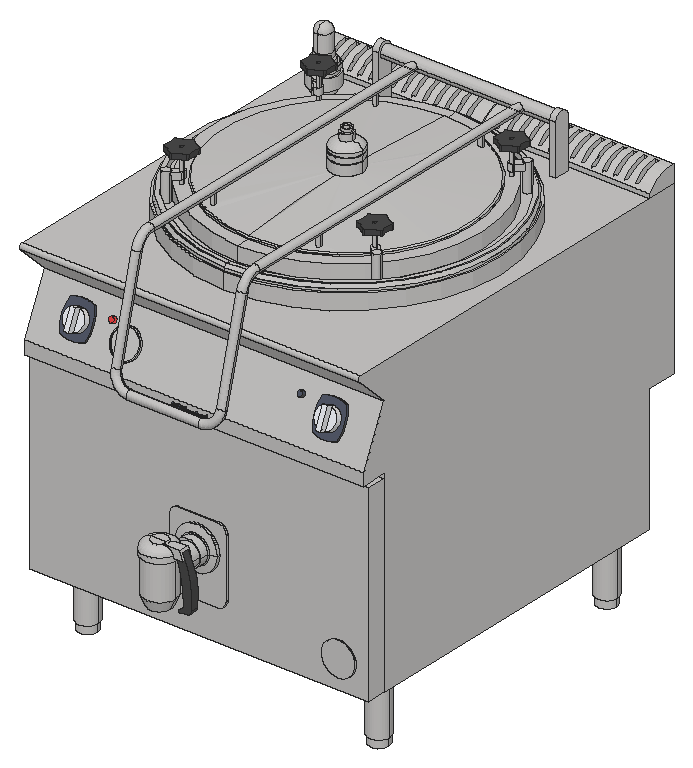
Revit family "QF_ELECTROLUXPROFESSIONAL_391295_E9BSGHIR4C", category Specialty Equipment, Revit 2018
Family settings
  Round Connector Dimension = Use Diameter
  Part Type = Normal
  Work Plane-Based = No
  Always vertical = Yes
  Cut with Voids When Loaded = No
  Shared = No
  Room Calculation Point = No
Parameters (values of type "Standard")
  Weight = 145.00 kg
  Watts = 0 W
  Volts = 220 V
  URL Manufacturer = "http://professional.electrolux.com"
  URL = "http://professional.electrolux.com"
  Steam Supply Size = 0"
  Steam Supply Minimum Pressure = 0.00 psi
  Steam Supply Maximum Pressure = 0.00 psi
  Steam Pounds per Hour = 0
  Show Logo [instance] = yes
  Show Clearance [instance] = yes
  Refrigeration Suction Line Size = 0 mm
  Refrigeration Liquid Line Size = 0 mm
  Refrigerant Compressor Remote = yes
  Phase = 1
  Model = "E9BSGHIR4C"
  Manufacturer = "Electrolux Professional"
  Length Actual = 800 mm  # constant formula
  Item Number = "391295"
  Hot Water Size = 3/4"
  Height Actual = 850 mm  # constant formula
  HP = "0.1 HP"
  Gas Size = 1/2"
  Gas KW = 24
  Gas Input Pressure = 0.805176 Btu/h
  Direct Waste Size = 2"
  Description = "150 LT GAS BOIL.PAN-IND.HEAT-AUTOC-60HZ"
  Depth Actual = 930 mm  # constant formula
  Cycle = 60 Hz
  Condensate Return Size = 0"
  Compressed Air Volume = 0 GPM
  Compressed Air Size = 0"
  Compressed Air Pressure = 0.00 psi
  Cold Water Size = 3/4"
  Assembly Code = ""
  Accessory = yes
Reference planes
  plane 1 "BACK": y = 0
  plane 2: z = 0
  plane 3 "LEFT": x = 0
  plane 4 "RIGHT": x = 800
  plane 5 "FRONT": y = -930
  plane 6 "TOP": z = 850
  plane 7 "Center Y": x = 400
  plane 8 "Center X": y = -465
  plane 9 "Base": z = 150
  plane 10: y = -1017
  plane 11: z = 1786
  plane 12: y = -800
  plane 13: x = 56
  plane 14: x = 744
  plane 15: x = 746
  plane 16: x = 729
  plane 17: x = 47
  plane 18: x = 151.01
  plane 19: x = 648.99
  plane 20: y = -127
Forms (mm)
  Revolve 1, solid, material "QF_Finishes_Stainless Steel"
    sketch origin (1, -127, 0) x (1, 0, 0) y (0, 0, 1)
      loop
        line (55, 0) -> (55, 150) -> (29.6, 150) -> (29.6, 19.05) -> (32.1, 19.05) -> (32.1, 0) -> (55, 0)
      axis (55, 0) -> (55, 150)
    angle from 0 to 360
  Revolve 2, solid, material "QF_Finishes_Stainless Steel"
    sketch origin (799, -127, 0) x (-1, 0, 0) y (0, 0, -1)
      loop
        line (55, 0) -> (32.1, 0) -> (32.1, -19.05) -> (29.6, -19.05) -> (29.6, -150) -> (55, -150) -> (55, 0)
      axis (55, 0) -> (55, -150)
    angle from 0 to 360
  Revolve 3, solid, material "QF_Finishes_Stainless Steel"
    sketch origin (1, -800, 0) x (1, 0, 0) y (0, 0, 1)
      loop
        line (55, 0) -> (55, 150) -> (29.6, 150) -> (29.6, 19.05) -> (32.1, 19.05) -> (32.1, 0) -> (55, 0)
      axis (55, 0) -> (55, 150)
    angle from 0 to 360
  Revolve 4, solid, material "QF_Finishes_Stainless Steel"
    sketch origin (799, -800, 0) x (-1, 0, 0) y (0, 0, -1)
      loop
        line (55, 0) -> (32.1, 0) -> (32.1, -19.05) -> (29.6, -19.05) -> (29.6, -150) -> (55, -150) -> (55, 0)
      axis (55, 0) -> (55, -150)
    angle from 0 to 360
  Extrusion 5, solid, material "QF_Finishes_Stainless Steel"
    sketch origin (0, 0, 576.213) x (0, 1, 0) y (0, 0, 1)
      loop
        line (0, -127.212) -> (0, 273.787) -> (-922.342, 273.787)
        arc (-922.342, 273.787) -> (-929.417, 269.06) -> (-927.757, 260.714) r 7.658
        line (-927.757, 260.714) -> (-856.613, 190.57) -> (-915.31, 65.214) -> (-915.31, 33.916) -> (-855.186, 38.612)
        arc (-855.186, 38.612) -> (-852.661, 37.864) -> (-851.569, 35.468) r 3.175
        line (-851.569, 35.468) -> (-851.569, -426.212) -> (-72, -426.212) -> (-72, -127.212) -> (0, -127.212)
      loop
        line (-901, 25.858) -> (-901, -426.212) -> (-854.744, -426.212) -> (-854.744, 25.858) -> (-901, 25.858)
    from 0 to 800
  Extrusion 6, solid, material "QF_Finishes_Stainless Steel"
    sketch origin (0, -901, 557.071) x (0, 0, 1) y (-1, 0, 0)
      loop
        arc (-150.774, -353.125) -> (-156.632, -338.983) -> (-170.774, -333.125) r 20
        line (-170.774, -333.125) -> (-310.774, -333.125)
        arc (-310.774, -333.125) -> (-324.916, -338.983) -> (-330.774, -353.125) r 20
        line (-330.774, -353.125) -> (-330.774, -446.875)
        arc (-330.774, -446.875) -> (-324.916, -461.017) -> (-310.774, -466.875) r 20
        line (-310.774, -466.875) -> (-170.774, -466.875)
        arc (-170.774, -466.875) -> (-156.632, -461.017) -> (-150.774, -446.875) r 20
        line (-150.774, -446.875) -> (-150.774, -353.125)
    from 0 to 3.2
  Revolve 7, solid, material "QF_Finishes_Stainless Steel"
    sketch origin (50, -127.411, 338.218) x (1, 0, 0) y (0, 1, 0)
      loop
        line (350, -776.789) -> (350, -866.845) -> (377.31, -866.845) -> (377.31, -807.326) -> (381.52, -807.326) -> (381.52, -788.802) -> (383.56, -788.802) -> (383.56, -785.903) -> (400.479, -782.307) -> (400.479, -776.789) -> (350, -776.789)
      axis (350, -866.845) -> (350, -776.789)
    angle from 0 to 360
  Extrusion 8, solid, material "QF_Finishes_Stainless Steel"
    sketch origin (0, -901, 557.071) x (0, 0, 1) y (-1, 0, 0)
      loop
        circle (-340.2, -729.973) r 40
      loop
        circle (-280.2, -284.973) r 20
    from 0 to 1.6
  Extrusion 9, solid, material "QF_Finishes_Navy Blue"
    sketch origin (-437.256, -913.119, 646.186) x (0, 0.418102, 0.9084) y (-1, 0, 0)
      loop
        arc (102.623, -510.47) -> (67.041, -502.846) -> (31.333, -509.853) r 90.5
        arc (31.333, -509.853) -> (24.507, -539.04) -> (31.333, -568.228) r 65.817
        arc (31.333, -568.228) -> (67.04, -575.188) -> (102.623, -567.615) r 91.066
        arc (102.623, -567.615) -> (109.179, -539.043) -> (102.623, -510.47) r 65.546
      loop
        arc (102.623, -1164.043) -> (109.179, -1135.47) -> (102.623, -1106.897) r 65.546
        arc (102.623, -1106.897) -> (67.04, -1099.324) -> (31.333, -1106.284) r 91.066
        arc (31.333, -1106.284) -> (24.507, -1135.472) -> (31.333, -1164.66) r 65.817
        arc (31.333, -1164.66) -> (67.041, -1171.667) -> (102.623, -1164.043) r 90.5
    from 0 to 3.175
  Extrusion 10, solid, material "QF_Finishes_White"
    sketch origin (-58.506, -916.833, 645.711) x (0, 0.418102, 0.9084) y (-1, 0, 0)
      loop
        circle (68.826, -160.963) r 25.4
      loop
        circle (68.826, -756.049) r 25.4
    from 0 to 12.7
  Extrusion 11, solid, material "QF_Finishes_White"
    sketch origin (-58.506, -928.369, 651.021) x (0, 0.418102, 0.9084) y (-1, 0, 0)
      loop
        arc (93.558, -166.749) -> (94.226, -160.963) -> (93.558, -155.177) r 25.4
        line (93.558, -155.177) -> (44.094, -155.177)
        arc (44.094, -155.177) -> (43.426, -160.963) -> (44.094, -166.749) r 25.4
        line (44.094, -166.749) -> (93.558, -166.749)
      loop
        line (93.558, -750.263) -> (44.094, -750.263)
        arc (44.094, -750.263) -> (43.426, -756.049) -> (44.094, -761.836) r 25.4
        line (44.094, -761.836) -> (93.558, -761.836)
        arc (93.558, -761.836) -> (94.226, -756.049) -> (93.558, -750.263) r 25.4
    from 0 to 12.7
  Extrusion 12, solid, material "QF_Finishes_Red"
    sketch origin (-137.986, -902.667, 668.896) x (0, 0.418102, 0.9084) y (-1, 0, 0)
      loop
        circle (65.471, -315.169) r 6.35
    from 0 to 6
  Extrusion 13, solid, material "QF_Finishes_Navy Blue"
    sketch origin (937.986, -902.667, 668.896) x (0, 0.418102, 0.9084) y (-1, 0, 0)
      loop
        circle (65.471, 315.169) r 6.35
    from 0 to 6
  Extrusion 14, solid, material "QF_Finishes_Navy Blue", visible <- "Show Logo"
    sketch origin (61.109, -915.31, 610.773) x (0, 0, 1) y (-1, 0, 0)
      loop
        line (20.674, -296.698) -> (8.307, -296.698)
        arc (8.307, -296.698) -> (14.491, -301.27) -> (20.674, -296.698) r 6.467
      loop
        arc (20.674, -296.069) -> (19.505, -290.926) -> (14.849, -288.448) r 6.338
        line (14.849, -288.448) -> (14.849, -290.494)
        arc (14.849, -290.494) -> (16.333, -294.149) -> (19.778, -296.069) r 5.941
        line (19.778, -296.069) -> (20.674, -296.069)
      loop
        arc (9.203, -296.069) -> (12.648, -294.149) -> (14.132, -290.494) r 5.941
        line (14.132, -290.494) -> (14.132, -288.448)
        arc (14.132, -288.448) -> (9.438, -290.922) -> (8.148, -296.069) r 6.504
        line (8.148, -296.069) -> (9.203, -296.069)
      loop
        line (21.349, -287.979) -> (7.604, -287.979) -> (7.604, -301.742) -> (21.349, -301.742) -> (21.349, -287.979)
      loop
        arc (21.432, -304.71) -> (21.085, -304.352) -> (20.718, -304.69) r 0.358
        arc (20.718, -304.69) -> (20.404, -305.44) -> (19.687, -305.825) r 1.216
        line (19.687, -305.825) -> (9.274, -305.825)
        arc (9.274, -305.825) -> (8.614, -305.548) -> (8.218, -304.951) r 1.238
        arc (8.218, -304.951) -> (7.823, -304.7) -> (7.518, -305.054) r 0.358
        line (7.518, -305.054) -> (7.518, -314.933) -> (10.269, -314.933) -> (10.269, -314.036)
        arc (10.269, -314.036) -> (9.36, -313.456) -> (8.904, -312.479) r 1.928
        line (8.904, -312.479) -> (8.904, -309.98)
        arc (8.904, -309.98) -> (9.18, -309.251) -> (9.868, -308.887) r 1.101
        line (9.868, -308.887) -> (13.955, -308.887) -> (13.955, -312.561)
        arc (13.955, -312.561) -> (13.602, -313.058) -> (13.037, -313.286) r 1.083
        arc (13.037, -313.286) -> (12.773, -313.591) -> (13.065, -313.869) r 0.292
        line (13.065, -313.869) -> (16.028, -313.869)
        arc (16.028, -313.869) -> (16.33, -313.596) -> (16.092, -313.266) r 0.305
        arc (16.092, -313.266) -> (15.601, -313.018) -> (15.296, -312.561) r 1.083
        line (15.296, -312.561) -> (15.296, -308.887) -> (19.973, -308.887) -> (19.973, -312.635)
        arc (19.973, -312.635) -> (19.759, -313.39) -> (19.153, -313.888) r 1.314
        arc (19.153, -313.888) -> (18.934, -314.292) -> (19.288, -314.585) r 0.361
        line (19.288, -314.585) -> (21.432, -314.585) -> (21.432, -304.71)
      loop
        arc (20.715, -315.365) -> (20.335, -316.284) -> (19.416, -316.664) r 1.299
        line (19.416, -316.664) -> (9.837, -316.664)
        arc (9.837, -316.664) -> (8.999, -316.286) -> (8.728, -315.408) r 1.118
        line (8.728, -315.408) -> (7.518, -315.408) -> (7.518, -320.758) -> (8.706, -320.758)
        arc (8.706, -320.758) -> (8.978, -319.841) -> (9.848, -319.445) r 1.153
        line (9.848, -319.445) -> (21.92, -319.445) -> (20.715, -315.365)
      loop
        line (12.483, -323.394) -> (12.483, -329.842) -> (13.282, -329.842)
        arc (13.282, -329.842) -> (15.862, -328.857) -> (17.131, -326.404) r 3.874
        line (17.131, -326.404) -> (17.131, -324.643)
        arc (17.131, -324.643) -> (15.944, -321.778) -> (13.08, -320.592) r 4.051
        line (13.08, -320.592) -> (11.072, -320.592)
        arc (11.072, -320.592) -> (8.253, -322.077) -> (7.202, -325.084) r 4.352
        arc (7.202, -325.084) -> (7.566, -327.547) -> (8.943, -329.621) r 5.713
        line (8.943, -329.621) -> (9.892, -329.621)
        arc (9.892, -329.621) -> (9.16, -328.052) -> (8.943, -326.334) r 5.579
        arc (8.943, -326.334) -> (9.737, -324.371) -> (11.616, -323.394) r 3.057
        line (11.616, -323.394) -> (12.483, -323.394)
      loop
        line (13.742, -323.394) -> (13.742, -326.977)
        arc (13.742, -326.977) -> (15.199, -327.024) -> (16.082, -325.864) r 1.59
        line (16.082, -325.864) -> (16.082, -325.034)
        arc (16.082, -325.034) -> (15.217, -323.779) -> (13.742, -323.394) r 2.184
      loop
        arc (16.533, -339.259) -> (17.022, -337.585) -> (17.179, -335.848) r 9.023
        line (17.179, -335.848) -> (17.179, -334.486)
        arc (17.179, -334.486) -> (16.02, -331.686) -> (13.22, -330.527) r 3.959
        line (13.22, -330.527) -> (10.62, -330.527)
        arc (10.62, -330.527) -> (8.338, -331.819) -> (7.221, -334.192) r 4.331
        line (7.221, -334.192) -> (7.221, -336.327)
        arc (7.221, -336.327) -> (7.729, -337.877) -> (8.651, -339.223) r 5.772
        arc (8.651, -339.223) -> (9.412, -339.274) -> (9.499, -338.515) r 0.553
        arc (9.499, -338.515) -> (9.111, -337.781) -> (8.977, -336.962) r 2.573
        line (8.977, -336.962) -> (8.977, -335.447)
        arc (8.977, -335.447) -> (9.983, -333.806) -> (11.798, -333.163) r 2.884
        line (11.798, -333.163) -> (13.077, -333.163)
        arc (13.077, -333.163) -> (14.898, -333.723) -> (15.824, -335.388) r 2.554
        line (15.824, -335.388) -> (15.824, -336.441)
        arc (15.824, -336.441) -> (15.493, -337.369) -> (14.836, -338.104) r 2.564
        arc (14.836, -338.104) -> (14.614, -338.821) -> (15.223, -339.259) r 0.643
        line (15.223, -339.259) -> (16.533, -339.259)
      loop
        line (15.515, -339.53) -> (15.515, -341.031) -> (9.467, -341.031)
        arc (9.467, -341.031) -> (7.879, -341.688) -> (7.221, -343.276) r 2.246
        line (7.221, -343.276) -> (7.221, -344.86)
        arc (7.221, -344.86) -> (7.535, -345.725) -> (8.035, -346.496) r 4.06
        arc (8.035, -346.496) -> (8.768, -346.629) -> (9.019, -345.928) r 0.576
        arc (9.019, -345.928) -> (8.913, -345.403) -> (8.977, -344.87) r 1.69
        arc (8.977, -344.87) -> (9.519, -344.082) -> (10.425, -343.779) r 1.506
        line (10.425, -343.779) -> (15.563, -343.779) -> (15.563, -346.176) -> (16.119, -346.733) -> (16.941, -346.733) -> (16.941, -343.873) -> (20.172, -343.873) -> (15.515, -339.53)
      loop
        line (7.438, -347.63) -> (7.438, -353.017) -> (8.548, -353.017)
        arc (8.548, -353.017) -> (8.942, -352.066) -> (9.893, -351.672) r 1.345
        line (9.893, -351.672) -> (13.509, -351.672)
        arc (13.509, -351.672) -> (14.274, -352.264) -> (14.564, -353.186) r 1.615
        line (14.564, -353.186) -> (14.564, -354.742) -> (17.119, -355.427) -> (17.119, -354.044) -> (15.177, -351.485) -> (17.057, -351.485) -> (16.773, -348.779)
        arc (16.773, -348.779) -> (16.333, -348.249) -> (15.674, -348.45) r 0.621
        arc (15.674, -348.45) -> (15.274, -348.792) -> (14.78, -348.975) r 1.501
        line (14.78, -348.975) -> (9.893, -348.975)
        arc (9.893, -348.975) -> (8.942, -348.581) -> (8.548, -347.63) r 1.345
        line (8.548, -347.63) -> (7.438, -347.63)
      loop
        line (13.54, -354.964) -> (10.848, -354.964)
        arc (10.848, -354.964) -> (8.403, -356.272) -> (7.269, -358.803) r 4.288
        arc (7.269, -358.803) -> (7.205, -360.183) -> (7.269, -361.563) r 15.022
        arc (7.269, -361.563) -> (8.403, -364.094) -> (10.848, -365.401) r 4.288
        line (10.848, -365.401) -> (13.54, -365.401)
        arc (13.54, -365.401) -> (15.986, -364.094) -> (17.119, -361.563) r 4.288
        arc (17.119, -361.563) -> (17.183, -360.183) -> (17.119, -358.803) r 15.022
        arc (17.119, -358.803) -> (15.986, -356.272) -> (13.54, -354.964) r 4.288
      loop
        line (13.745, -358.078) -> (10.643, -358.078)
        arc (10.643, -358.078) -> (8.486, -360.235) -> (10.643, -362.392) r 2.157
        line (10.643, -362.392) -> (13.745, -362.392)
        arc (13.745, -362.392) -> (15.902, -360.235) -> (13.745, -358.078) r 2.157
      loop
        arc (20.726, -365.26) -> (20.355, -366.154) -> (19.461, -366.524) r 1.264
        line (19.461, -366.524) -> (9.597, -366.524)
        arc (9.597, -366.524) -> (8.727, -366.127) -> (8.455, -365.211) r 1.153
        line (8.455, -365.211) -> (7.518, -365.211) -> (7.518, -370.319) -> (8.446, -370.319)
        arc (8.446, -370.319) -> (8.805, -369.547) -> (9.597, -369.232) r 1.153
        line (9.597, -369.232) -> (21.92, -369.232) -> (20.726, -365.26)
      loop
        arc (15.846, -369.857) -> (15.647, -370.921) -> (14.678, -371.403) r 1.215
        line (14.678, -371.403) -> (9.658, -371.403)
        arc (9.658, -371.403) -> (8.043, -372.051) -> (7.322, -373.634) r 2.338
        line (7.322, -373.634) -> (7.322, -375.148)
        arc (7.322, -375.148) -> (7.497, -376.152) -> (7.999, -377.038) r 2.979
        line (7.999, -377.038) -> (7.518, -378.835) -> (7.518, -380.524) -> (16.943, -380.524) -> (16.649, -376.32) -> (15.863, -376.32)
        arc (15.863, -376.32) -> (15.507, -377.156) -> (14.755, -377.665) r 1.605
        line (14.755, -377.665) -> (9.652, -377.665)
        arc (9.652, -377.665) -> (9.232, -376.728) -> (9.159, -375.704) r 2.94
        arc (9.159, -375.704) -> (9.72, -374.603) -> (10.873, -374.16) r 1.724
        line (10.873, -374.16) -> (17.07, -374.16) -> (15.846, -369.857)
      loop
        line (16.874, -381.377) -> (15.202, -383.423) -> (12.028, -385.729) -> (8.572, -382.617)
        arc (8.572, -382.617) -> (8.335, -382.223) -> (8.357, -381.764) r 0.789
        line (8.357, -381.764) -> (7.518, -381.764) -> (7.518, -385.309) -> (8.344, -385.309)
        arc (8.344, -385.309) -> (8.686, -384.947) -> (9.176, -385.039) r 0.52
        line (9.176, -385.039) -> (10.976, -386.51) -> (8.858, -387.886)
        arc (8.858, -387.886) -> (8.457, -387.576) -> (8.37, -387.076) r 0.7
        line (8.37, -387.076) -> (7.518, -387.076) -> (7.518, -393.003) -> (8.405, -393.003)
        arc (8.405, -393.003) -> (8.472, -392.344) -> (8.866, -391.813) r 1.247
        line (8.866, -391.813) -> (13.066, -388.532) -> (15.513, -390.585) -> (16.874, -392.327) -> (16.874, -388.604) -> (15.389, -389.026) -> (13.868, -387.749) -> (15.568, -386.559) -> (16.874, -387.336) -> (16.874, -381.377)
    from 0 to 1.644
  Revolve 15, solid, material "QF_Finishes_Stainless Steel"
    sketch origin (400, -109.012, 0.687) x (0, 1, 0) y (0, 0, 1)
      loop
        line (-355.988, 849.312) -> (-355.988, 946.284)
        arc (-355.988, 946.284) -> (-500.572, 942.27) -> (-644.711, 930.241) r 2606.177
        line (-644.711, 930.241) -> (-647.488, 927.465) -> (-647.488, 924.094) -> (-676.819, 924.094) -> (-676.819, 888.437) -> (-701.151, 888.437) -> (-701.151, 902.549) -> (-710.075, 902.549) -> (-710.075, 900.745) -> (-714.988, 892.235) -> (-714.988, 886.51) -> (-719.988, 886.51) -> (-719.988, 849.312) -> (-355.988, 849.312)
      axis (-355.988, 849.312) -> (-355.988, 946.284)
    angle from 0 to 360
  Extrusion 16, solid, material "QF_Finishes_Stainless Steel"
    sketch origin (0, 0, 560.363) x (0, 1, 0) y (0, 0, 1)
      loop
        line (0, 289.638) -> (0, 331.738)
        arc (0, 331.738) -> (-38.857, 324.552) -> (-69.85, 300.038) r 82.056
        line (-69.85, 300.038) -> (-69.85, 289.638) -> (0, 289.638)
    from 0 to 400
  Extrusion 17, void
    sketch origin (0, 0, 835) x (0, -1, 0) y (1, 0, 0)
      loop
        line (6.761, 29.703) -> (63.911, 29.703) -> (63.911, 38.999) -> (6.761, 38.999) -> (6.761, 29.703)
      loop
        line (63.911, 64.487) -> (6.761, 64.487) -> (6.761, 55.191) -> (63.911, 55.191) -> (63.911, 64.487)
      loop
        line (63.911, 89.975) -> (6.761, 89.975) -> (6.761, 80.68) -> (63.911, 80.68) -> (63.911, 89.975)
      loop
        line (63.911, 115.464) -> (6.761, 115.464) -> (6.761, 106.168) -> (63.911, 106.168) -> (63.911, 115.464)
      loop
        line (63.911, 140.952) -> (6.761, 140.952) -> (6.761, 131.656) -> (63.911, 131.656) -> (63.911, 140.952)
      loop
        line (63.911, 166.44) -> (6.761, 166.44) -> (6.761, 157.145) -> (63.911, 157.145) -> (63.911, 166.44)
      loop
        line (63.911, 191.929) -> (6.761, 191.929) -> (6.761, 182.633) -> (63.911, 182.633) -> (63.911, 191.929)
      loop
        line (63.911, 217.417) -> (6.761, 217.417) -> (6.761, 208.121) -> (63.911, 208.121) -> (63.911, 217.417)
      loop
        line (63.911, 242.905) -> (6.761, 242.905) -> (6.761, 233.61) -> (63.911, 233.61) -> (63.911, 242.905)
      loop
        line (63.911, 268.394) -> (6.761, 268.394) -> (6.761, 259.098) -> (63.911, 259.098) -> (63.911, 268.394)
      loop
        line (63.911, 293.882) -> (6.761, 293.882) -> (6.761, 284.586) -> (63.911, 284.586) -> (63.911, 293.882)
      loop
        line (63.911, 319.37) -> (6.761, 319.37) -> (6.761, 310.075) -> (63.911, 310.075) -> (63.911, 319.37)
      loop
        line (63.911, 344.859) -> (6.761, 344.859) -> (6.761, 335.563) -> (63.911, 335.563) -> (63.911, 344.859)
      loop
        line (63.911, 370.347) -> (6.761, 370.347) -> (6.761, 361.051) -> (63.911, 361.051) -> (63.911, 370.347)
    from 25.4 to 63.5
  Extrusion 18, solid, material "QF_Finishes_Stainless Steel"
    sketch origin (800, 0, 560.363) x (0, 1, 0) y (0, 0, -1)
      loop
        line (0, -289.638) -> (-69.85, -289.638) -> (-69.85, -300.038)
        arc (-69.85, -300.038) -> (-38.857, -324.552) -> (0, -331.738) r 82.056
        line (0, -331.738) -> (0, -289.638)
    from 0 to 400
  Extrusion 19, void
    sketch origin (800, 0, 835) x (0, -1, 0) y (1, 0, 0)
      loop
        line (6.761, -29.703) -> (6.761, -38.999) -> (63.911, -38.999) -> (63.911, -29.703) -> (6.761, -29.703)
      loop
        line (63.911, -64.487) -> (63.911, -55.191) -> (6.761, -55.191) -> (6.761, -64.487) -> (63.911, -64.487)
      loop
        line (63.911, -89.975) -> (63.911, -80.68) -> (6.761, -80.68) -> (6.761, -89.975) -> (63.911, -89.975)
      loop
        line (63.911, -115.464) -> (63.911, -106.168) -> (6.761, -106.168) -> (6.761, -115.464) -> (63.911, -115.464)
      loop
        line (63.911, -140.952) -> (63.911, -131.656) -> (6.761, -131.656) -> (6.761, -140.952) -> (63.911, -140.952)
      loop
        line (63.911, -166.44) -> (63.911, -157.145) -> (6.761, -157.145) -> (6.761, -166.44) -> (63.911, -166.44)
      loop
        line (63.911, -191.929) -> (63.911, -182.633) -> (6.761, -182.633) -> (6.761, -191.929) -> (63.911, -191.929)
      loop
        line (63.911, -217.417) -> (63.911, -208.121) -> (6.761, -208.121) -> (6.761, -217.417) -> (63.911, -217.417)
      loop
        line (63.911, -242.905) -> (63.911, -233.61) -> (6.761, -233.61) -> (6.761, -242.905) -> (63.911, -242.905)
      loop
        line (63.911, -268.394) -> (63.911, -259.098) -> (6.761, -259.098) -> (6.761, -268.394) -> (63.911, -268.394)
      loop
        line (63.911, -293.882) -> (63.911, -284.586) -> (6.761, -284.586) -> (6.761, -293.882) -> (63.911, -293.882)
      loop
        line (63.911, -319.37) -> (63.911, -310.075) -> (6.761, -310.075) -> (6.761, -319.37) -> (63.911, -319.37)
      loop
        line (63.911, -344.859) -> (63.911, -335.563) -> (6.761, -335.563) -> (6.761, -344.859) -> (63.911, -344.859)
      loop
        line (63.911, -370.347) -> (63.911, -361.051) -> (6.761, -361.051) -> (6.761, -370.347) -> (63.911, -370.347)
    from 25.4 to 63.5
  Extrusion 20, solid, material "QF_Finishes_Stainless Steel"
    sketch origin (0, -90.262, 0) x (1, 0, 0) y (0, 1, 0)
      loop
        circle (275.084, -613.366) r 5
      loop
        circle (275.084, -135.109) r 5
      loop
        circle (524.916, -613.366) r 5
      loop
        circle (524.916, -135.109) r 5
    from 873.469 to 966.597
  Extrusion 21, solid, material "QF_Finishes_Stainless Steel"
    sketch origin (0, -653.222, 150) x (1, 0, 0) y (0, -1, 0)
      loop
        circle (746, 1.778) r 6.35
    from 0 to 13
  Extrusion 22, solid, material "QF_Finishes_Stainless Steel"
    sketch origin (0, -654.222, 150) x (1, 0, 0) y (0, -1, 0)
      loop
        circle (729, 66.778) r 6.35
    from 0 to 13
  Extrusion 23, solid, material "QF_Finishes_Stainless Steel"
    sketch origin (-673, -652.222, 150) x (1, 0, 0) y (0, -1, 0)
      loop
        circle (720, -6.222) r 9.5
      loop
        circle (720, 63.778) r 9.5
    from 0 to 13
  Extrusion 24, solid, material "QF_Clearances", visible <- "Show Clearance", detail levels coarse
    sketch origin (0, 0, 0) x (1, 0, 0) y (0, 1, 0)
      loop
        line (-50, -930) -> (0, -930) -> (0, 0) -> (800, 0) -> (800, -930) -> (850, -930) -> (850, 50) -> (-50, 50) -> (-50, -930)
    from 0 to 865.138
  Extrusion 25, solid, material "QF_Finishes_Stainless Steel"
    sketch origin (73.929, 3.488, 39.209) x (0, 1, 0) y (0, 0, 1)
      loop
        line (-86.2, 810.791) -> (-86.2, 927.861)
        arc (-86.2, 927.861) -> (-103.594, 945.255) -> (-120.988, 927.861) r 17.394
        line (-120.988, 927.861) -> (-120.988, 810.791) -> (-86.2, 810.791)
    from 527.978 to 542.561
  Extrusion 26, solid, material "QF_Finishes_Stainless Steel"
    sketch origin (0, 3.488, 37.959) x (0, 1, 0) y (0, 0, 1)
      loop
        circle (-103.594, 927.13) r 15
    from 198.093 to 601.907
  Extrusion 27, solid, material "QF_Finishes_Stainless Steel"
    sketch origin (726.071, 3.488, 39.209) x (0, 1, 0) y (0, 0, -1)
      loop
        line (-86.2, -810.791) -> (-120.988, -810.791) -> (-120.988, -927.861)
        arc (-120.988, -927.861) -> (-103.594, -945.255) -> (-86.2, -927.861) r 17.394
        line (-86.2, -927.861) -> (-86.2, -810.791)
    from 527.978 to 542.561
  Extrusion 28, solid, material "QF_Finishes_Stainless Steel"
    sketch origin (0, -858.418, 765.034) x (0, -0.418102, -0.9084) y (1, 0, 0)
      loop
        circle (73.793, 217.932) r 35
    from 0 to 3.2
  Extrusion 29, void
    sketch origin (0, -861.325, 766.372) x (0, -0.418102, -0.9084) y (1, 0, 0)
      loop
        circle (73.793, 217.932) r 33
    from 0 to -1.6
  Revolve 30, solid, material "QF_Finishes_Stainless Steel"
    sketch origin (75, 0, 0) x (0, 1, 0) y (0, 0, 1)
      loop
        line (-127, 850) -> (-127, 995.049)
        arc (-127, 995.049) -> (-139.857, 989.724) -> (-145.183, 976.867) r 18.183
        line (-145.183, 976.867) -> (-145.183, 936.198) -> (-147.515, 936.198) -> (-147.515, 925.501) -> (-152, 921.015) -> (-152, 914.56) -> (-157, 914.56) -> (-157, 909.56) -> (-160.008, 909.56) -> (-160.008, 901.432) -> (-157, 901.432) -> (-157, 892.923) -> (-162, 892.923) -> (-162, 865.138) -> (-152, 865.138) -> (-152, 850) -> (-127, 850)
      axis (-127, 850) -> (-127, 995.049)
    angle from 0 to 360
  Extrusion 31, solid, material "QF_Finishes_Stainless Steel"
    sketch origin (400, -465, 889.125) x (-1, 0, 0) y (0, -1, 0)
      loop
        circle (248.99, -222.263) r 9.5
      loop
        circle (-248.99, -222.263) r 9.5
      loop
        circle (248.99, 222.737) r 9.5
      loop
        circle (-248.99, 222.737) r 9.5
    from 0 to 65.025
  Extrusion 32, solid, material "QF_Finishes_Stainless Steel"
    sketch origin (0, 0, 0) x (1, 0, 0) y (0, 1, 0)
      loop
        line (160.29, -688.771) -> (176.792, -672.269)
        arc (176.792, -672.269) -> (176.792, -660.955) -> (165.478, -660.955) r 8
        line (165.478, -660.955) -> (148.976, -677.457)
        arc (148.976, -677.457) -> (157.728, -680.019) -> (160.29, -688.771) r 9.5
      loop
        arc (639.71, -688.771) -> (642.272, -680.019) -> (651.024, -677.457) r 9.5
        line (651.024, -677.457) -> (634.522, -660.955)
        arc (634.522, -660.955) -> (623.208, -660.955) -> (623.208, -672.269) r 8
        line (623.208, -672.269) -> (639.71, -688.771)
      loop
        arc (160.29, -240.703) -> (157.728, -249.454) -> (148.976, -252.017) r 9.5
        line (148.976, -252.017) -> (165.478, -268.519)
        arc (165.478, -268.519) -> (176.792, -268.519) -> (176.792, -257.205) r 8
        line (176.792, -257.205) -> (160.29, -240.703)
      loop
        line (639.71, -240.703) -> (623.208, -257.205)
        arc (623.208, -257.205) -> (623.208, -268.519) -> (634.522, -268.519) r 8
        line (634.522, -268.519) -> (651.024, -252.017)
        arc (651.024, -252.017) -> (642.272, -249.454) -> (639.71, -240.703) r 9.5
    from 936.198 to 951.201
  Extrusion 33, solid, material "QF_Finishes_Stainless Steel"
    sketch origin (400, -465, 924.782) x (-1, 0, 0) y (0, -1, 0)
      loop
        circle (228.323, 202.069) r 4
      loop
        circle (-228.323, 202.069) r 4
      loop
        circle (228.323, -202.069) r 4
      loop
        circle (-228.323, -202.069) r 4
    from 0 to 65.572
  Extrusion 34, solid, material "QF_Finishes_Black"
    sketch origin (0, 0, 0) x (1, 0, 0) y (0, 1, 0)
      loop
        circle (171.677, -667.069) r 4
      loop
        arc (173.74, -634.086) -> (171.677, -633.272) -> (169.615, -634.086) r 3.02
        arc (169.615, -634.086) -> (157.714, -642.903) -> (144.127, -648.797) r 65
        arc (144.127, -648.797) -> (142.401, -650.167) -> (142.077, -652.346) r 3
        arc (142.077, -652.346) -> (143.767, -667.069) -> (142.077, -681.793) r 65
        arc (142.077, -681.793) -> (142.401, -683.972) -> (144.127, -685.342) r 3
        arc (144.127, -685.342) -> (157.733, -691.247) -> (169.647, -700.083) r 65
        arc (169.647, -700.083) -> (171.677, -700.885) -> (173.708, -700.083) r 2.971
        arc (173.708, -700.083) -> (185.622, -691.247) -> (199.228, -685.342) r 65
        arc (199.228, -685.342) -> (200.954, -683.972) -> (201.278, -681.793) r 3
        arc (201.278, -681.793) -> (199.588, -667.069) -> (201.278, -652.346) r 65
        arc (201.278, -652.346) -> (200.954, -650.167) -> (199.228, -648.797) r 3
        arc (199.228, -648.797) -> (185.641, -642.903) -> (173.74, -634.086) r 65
      loop
        circle (628.323, -667.069) r 4
      loop
        arc (626.26, -634.086) -> (614.359, -642.903) -> (600.772, -648.797) r 65
        arc (600.772, -648.797) -> (599.046, -650.167) -> (598.722, -652.346) r 3
        arc (598.722, -652.346) -> (600.412, -667.069) -> (598.722, -681.793) r 65
        arc (598.722, -681.793) -> (599.046, -683.972) -> (600.772, -685.342) r 3
        arc (600.772, -685.342) -> (614.378, -691.247) -> (626.292, -700.083) r 65
        arc (626.292, -700.083) -> (628.323, -700.885) -> (630.353, -700.083) r 2.971
        arc (630.353, -700.083) -> (642.267, -691.247) -> (655.873, -685.342) r 65
        arc (655.873, -685.342) -> (657.599, -683.972) -> (657.923, -681.793) r 3
        arc (657.923, -681.793) -> (656.233, -667.069) -> (657.923, -652.346) r 65
        arc (657.923, -652.346) -> (657.599, -650.167) -> (655.873, -648.797) r 3
        arc (655.873, -648.797) -> (642.286, -642.903) -> (630.385, -634.086) r 65
        arc (630.385, -634.086) -> (628.323, -633.272) -> (626.26, -634.086) r 3.02
      loop
        circle (171.677, -262.931) r 4
      loop
        arc (173.74, -295.914) -> (185.641, -287.097) -> (199.228, -281.203) r 65
        arc (199.228, -281.203) -> (200.954, -279.833) -> (201.278, -277.654) r 3
        arc (201.278, -277.654) -> (199.588, -262.931) -> (201.278, -248.207) r 65
        arc (201.278, -248.207) -> (200.954, -246.028) -> (199.228, -244.658) r 3
        arc (199.228, -244.658) -> (185.622, -238.753) -> (173.708, -229.917) r 65
        arc (173.708, -229.917) -> (171.677, -229.115) -> (169.647, -229.917) r 2.971
        arc (169.647, -229.917) -> (157.733, -238.753) -> (144.127, -244.658) r 65
        arc (144.127, -244.658) -> (142.401, -246.028) -> (142.077, -248.207) r 3
        arc (142.077, -248.207) -> (143.767, -262.931) -> (142.077, -277.654) r 65
        arc (142.077, -277.654) -> (142.401, -279.833) -> (144.127, -281.203) r 3
        arc (144.127, -281.203) -> (157.714, -287.097) -> (169.615, -295.914) r 65
        arc (169.615, -295.914) -> (171.677, -296.728) -> (173.74, -295.914) r 3.02
      loop
        circle (628.323, -262.931) r 4
      loop
        arc (626.26, -295.914) -> (628.323, -296.728) -> (630.385, -295.914) r 3.02
        arc (630.385, -295.914) -> (642.286, -287.097) -> (655.873, -281.203) r 65
        arc (655.873, -281.203) -> (657.599, -279.833) -> (657.923, -277.654) r 3
        arc (657.923, -277.654) -> (656.233, -262.931) -> (657.923, -248.207) r 65
        arc (657.923, -248.207) -> (657.599, -246.028) -> (655.873, -244.658) r 3
        arc (655.873, -244.658) -> (642.267, -238.753) -> (630.353, -229.917) r 65
        arc (630.353, -229.917) -> (628.323, -229.115) -> (626.292, -229.917) r 2.971
        arc (626.292, -229.917) -> (614.378, -238.753) -> (600.772, -244.658) r 65
        arc (600.772, -244.658) -> (599.046, -246.028) -> (598.722, -248.207) r 3
        arc (598.722, -248.207) -> (600.412, -262.931) -> (598.722, -277.654) r 65
        arc (598.722, -277.654) -> (599.046, -279.833) -> (600.772, -281.203) r 3
        arc (600.772, -281.203) -> (614.359, -287.097) -> (626.26, -295.914) r 65
    from 990.354 to 1001.265
  Revolve 35, solid, material "QF_Finishes_Stainless Steel"
    sketch origin (50, -1017, -209.451) x (1, 0, 0) y (0, 0, 1)
      loop
        line (387.487, 584.414) -> (391.109, 584.414) -> (391.109, 596.458)
        arc (391.109, 596.458) -> (383.595, 608.72) -> (370.039, 613.521) r 21.541
        line (370.039, 613.521) -> (350, 613.521) -> (350, 475.451) -> (376.476, 475.451) -> (387.487, 500.451) -> (387.487, 584.414)
      axis (350, 475.451) -> (350, 613.521)
    angle from 0 to 360
  Extrusion 36, solid, material "QF_Finishes_Black"
    sketch origin (0, -932, 1) x (1, 0, 0) y (0, 0, 1)
      loop
        arc (462.072, 282.761) -> (458.739, 279.204) -> (454.343, 277.096) r 13.226
        arc (454.343, 277.096) -> (451.562, 273.099) -> (455.036, 269.686) r 3.774
        line (455.036, 269.686) -> (472.172, 272.033)
        arc (472.172, 272.033) -> (478.889, 276.04) -> (480.667, 283.655) r 10
        arc (480.667, 283.655) -> (479.826, 343.081) -> (460.542, 399.297) r 188.693
        line (460.542, 399.297) -> (438.183, 399.297)
        arc (438.183, 399.297) -> (458.444, 342.734) -> (462.072, 282.761) r 212.616
    from 77.064 to 92.936
  Extrusion 37, solid, material "QF_Finishes_Stainless Steel"
    sketch origin (0, -932, 1) x (1, 0, 0) y (0, 0, 1)
      loop
        line (436.837, 382.461) -> (463.876, 382.461)
        arc (463.876, 382.461) -> (461.091, 393.228) -> (456.741, 403.464) r 74.823
        line (456.741, 403.464) -> (415.663, 403.464)
        arc (415.663, 403.464) -> (428.508, 395.239) -> (436.837, 382.461) r 36.276
    from 74.362 to 95.975
  Extrusion 38, solid, material "QF_Finishes_Stainless Steel"
    sketch origin (35, -654.222, 150) x (1, 0, 0) y (0, -1, 0)
      loop
        circle (736, 61.778) r 4
    from 0 to 13
  Revolve 39, solid, material "QF_Finishes_Stainless Steel"
    sketch origin (0, -465, 13.75) x (-1, 0, 0) y (0, 0, 1)
      loop
        line (-400, 1026.597) -> (-406.853, 1026.597) -> (-406.853, 1021.597) -> (-411.853, 1021.597) -> (-411.853, 1016.597) -> (-409.619, 1016.597) -> (-409.619, 1011.597) -> (-414.619, 1011.597) -> (-414.619, 998.268)
        arc (-414.619, 998.268) -> (-427.359, 993.544) -> (-436.874, 983.845) r 31.138
        line (-436.874, 983.845) -> (-436.874, 976.783) -> (-434.664, 976.783) -> (-434.664, 973.827) -> (-436.874, 973.827) -> (-436.874, 962.824) -> (-434.664, 962.824) -> (-434.664, 959.868) -> (-436.874, 959.868) -> (-436.874, 937.193) -> (-426.874, 937.193) -> (-426.874, 920.933) -> (-400, 920.933) -> (-400, 1026.597)
      axis (-400, 920.933) -> (-400, 1026.597)
    angle from 0 to 360
  Revolve 40, solid, material "QF_Clearances", visible <- "Show Clearance", detail levels coarse
    sketch origin (400, -1057.161, 758.356) x (0, 0.207912, -0.978148) y (0, 0.978148, 0.207912)
      loop
        line (-355.988, 849.312) -> (-355.988, 946.284)
        arc (-355.988, 946.284) -> (-500.572, 942.27) -> (-644.711, 930.241) r 2606.177
        line (-644.711, 930.241) -> (-647.488, 927.465) -> (-647.488, 924.094) -> (-676.819, 924.094) -> (-676.819, 888.437) -> (-701.151, 888.437) -> (-701.151, 902.549) -> (-710.075, 902.549) -> (-710.075, 900.745) -> (-714.988, 892.235) -> (-714.988, 886.51) -> (-719.988, 886.51) -> (-719.988, 849.312) -> (-355.988, 849.312)
      axis (-355.988, 849.312) -> (-355.988, 946.284)
    angle from 0 to 360
  Extrusion 41, solid, material "QF_Clearances", visible <- "Show Clearance", detail levels coarse
    sketch origin (0, -1053.936, 739.873) x (1, 0, 0) y (0, 0.207912, -0.978148)
      loop
        circle (275.084, -613.366) r 5
      loop
        circle (275.084, -135.109) r 5
      loop
        circle (524.916, -613.366) r 5
      loop
        circle (524.916, -135.109) r 5
    from 873.469 to 966.597
  Revolve 42, solid, material "QF_Clearances", visible <- "Show Clearance", detail levels coarse
    sketch origin (0, -1118.398, 1109.28) x (-1, 0, 0) y (0, 0.978148, 0.207912)
      loop
        line (-400, 1026.597) -> (-406.853, 1026.597) -> (-406.853, 1021.597) -> (-411.853, 1021.597) -> (-411.853, 1016.597) -> (-409.619, 1016.597) -> (-409.619, 1011.597) -> (-414.619, 1011.597) -> (-414.619, 998.268)
        arc (-414.619, 998.268) -> (-427.359, 993.544) -> (-436.874, 983.845) r 31.138
        line (-436.874, 983.845) -> (-436.874, 976.783) -> (-434.664, 976.783) -> (-434.664, 973.827) -> (-436.874, 973.827) -> (-436.874, 962.824) -> (-434.664, 962.824) -> (-434.664, 959.868) -> (-436.874, 959.868) -> (-436.874, 937.193) -> (-426.874, 937.193) -> (-426.874, 920.933) -> (-400, 920.933) -> (-400, 1026.597)
      axis (-400, 920.933) -> (-400, 1026.597)
    angle from 0 to 360
  Sweep 43, solid, material "QF_Finishes_Stainless Steel"
    path in 3D
      loop
        line (275.084, -107.606, 965.089) -> (275.084, -890.935, 965.089)
        arc (275.084, -890.935, 965.089) -> (275.084, -915.286, 956.823) -> (275.084, -929.572, 935.442) r 40
        line (275.084, -929.572, 935.442) -> (275.084, -989.388, 712.205)
        spline (275.084, -989.388, 712.205) -> (275.43, -990.793, 706.963) -> (276.446, -992.161, 701.857) -> (278.128, -993.489, 696.901) -> (280.443, -994.748, 692.203) -> (283.35, -995.913, 687.854) -> (286.799, -996.967, 683.921) -> (290.734, -997.891, 680.471) -> (295.088, -998.67, 677.567) -> (299.78, -999.29, 675.252) -> (304.726, -999.74, 673.571) -> (309.84, -1000.013, 672.552) -> (315.084, -1000.106, 672.205)
        line (315.084, -1000.106, 672.205) -> (484.916, -1000.106, 672.205)
        spline (484.916, -1000.106, 672.205) -> (490.158, -1000.013, 672.551) -> (495.264, -999.741, 673.567) -> (500.22, -999.29, 675.249) -> (504.918, -998.67, 677.565) -> (509.267, -997.891, 680.471) -> (513.2, -996.967, 683.92) -> (516.65, -995.913, 687.855) -> (519.555, -994.746, 692.209) -> (521.869, -993.489, 696.901) -> (523.551, -992.164, 701.847) -> (524.57, -990.793, 706.961) -> (524.916, -989.388, 712.205)
        line (524.916, -989.388, 712.205) -> (524.916, -929.572, 935.442)
        arc (524.916, -929.572, 935.442) -> (524.916, -915.286, 956.823) -> (524.916, -890.935, 965.089) r 40
        line (524.916, -890.935, 965.089) -> (524.916, -107.606, 965.089)
    profile origin (524.916, -499.271, 965.089) x (-1, 0, 0) y (0, 0, 1)
      loop
        circle (0, 0) r 9.5
  Sweep 44, solid, material "QF_Clearances", visible <- "Show Clearance", detail levels coarse
    path in 3D
      loop
        line (275.084, -107.606, 965.089) -> (275.084, -270.469, 1731.3)
        arc (275.084, -270.469, 1731.3) -> (275.084, -283.617, 1753.4) -> (275.084, -307.502, 1762.929) r 40
        line (275.084, -307.502, 1762.929) -> (275.084, -538.322, 1775.026)
        arc (275.084, -538.322, 1775.026) -> (286.8, -566.568, 1776.497) -> (315.084, -578.268, 1777.106) r 40
        line (315.084, -578.268, 1777.106) -> (484.916, -578.268, 1777.106)
        arc (484.916, -578.268, 1777.106) -> (513.2, -566.568, 1776.497) -> (524.916, -538.322, 1775.026) r 40
        line (524.916, -538.322, 1775.026) -> (524.916, -307.502, 1762.929)
        arc (524.916, -307.502, 1762.929) -> (524.916, -283.617, 1753.4) -> (524.916, -270.469, 1731.3) r 40
        line (524.916, -270.469, 1731.3) -> (524.916, -107.606, 965.089)
    profile origin (275.084, -189.038, 1348.194) x (0, -0.978148, -0.207912) y (1, 0, 0)
      loop
        circle (0, 0) r 9.5
Cuts and joins
  Extrusion 17, Extrusion 19 cuts Extrusion 16
  Extrusion 19 cuts Extrusion 18
  joined: Revolve 15, Extrusion 20
  Extrusion 29 cuts Extrusion 28
Lines and regions (mm)
  Split face 1
    outline origin (217.932, -904.521, 668.693) x (0, 0.418102, 0.9084) y (-1, 0, 0)
      loop
        arc (30.715, 0.549) -> (31.427, -1.747) -> (33.785, -2.216) r 2.35
        line (33.785, -2.216) -> (38.233, -6.22) -> (39.786, -4.666) -> (35.272, -0.602)
        arc (35.272, -0.602) -> (34.573, 1.747) -> (32.164, 2.197) r 2.35
        line (32.164, 2.197) -> (12.789, 18.808)
        arc (12.789, 18.808) -> (12.314, 18.779) -> (12.329, 18.304) r 0.341
        line (12.329, 18.304) -> (30.715, 0.549)
  symbolic lines, style "QF_Clearances", visible <- "Show Clearance", detail levels coarse
    curve 1: line (850, -930, 0) -> (850, 50, 0)
    curve 2: line (850, 50, 0) -> (-50, 50, 0)
    curve 3: line (-50, 50, 0) -> (-50, -930, 0)
  symbolic lines
    curve 4: line (0, -930, 0) -> (265.584, -930, 0)
    curve 5: line (0, 0, 0) -> (0, -930, 0)
    curve 6: line (800, 0, 0) -> (0, 0, 0)
    curve 7: line (800, -930, 0) -> (800, 0, 0)
    curve 8: line (0, -69.85, 0) -> (800, -69.85, 0)
    curve 9: line (431.52, -934.772, 0) -> (431.52, -930, 0)
    curve 10: line (431.52, -934.772, 0) -> (368.48, -934.772, 0)
    curve 11: line (368.48, -934.772, 0) -> (368.48, -930, 0)
    curve 12: line (372.69, -934.772, 0) -> (372.69, -986.273, 0)
    curve 13: line (427.31, -934.772, 0) -> (427.31, -986.273, 0)
    curve 14: line (29.703, -6.761, 0) -> (38.999, -6.761, 0)
    curve 15: line (29.703, -64.885, 0) -> (29.703, -6.761, 0)
    curve 16: line (38.999, -64.885, 0) -> (29.703, -64.885, 0)
    curve 17: line (38.999, -6.761, 0) -> (38.999, -64.885, 0)
    curve 18: line (64.487, -64.885, 0) -> (55.191, -64.885, 0)
    curve 19: line (64.487, -6.761, 0) -> (64.487, -64.885, 0)
    curve 20: line (55.191, -6.761, 0) -> (64.487, -6.761, 0)
    curve 21: line (55.191, -64.885, 0) -> (55.191, -6.761, 0)
    curve 22: line (80.68, -6.761, 0) -> (89.975, -6.761, 0)
    curve 23: line (80.68, -64.885, 0) -> (80.68, -6.761, 0)
    curve 24: line (89.975, -64.885, 0) -> (80.68, -64.885, 0)
    curve 25: line (89.975, -6.761, 0) -> (89.975, -64.885, 0)
    curve 26: line (115.464, -64.885, 0) -> (106.168, -64.885, 0)
    curve 27: line (115.464, -6.761, 0) -> (115.464, -64.885, 0)
    curve 28: line (106.168, -6.761, 0) -> (115.464, -6.761, 0)
    curve 29: line (106.168, -64.885, 0) -> (106.168, -6.761, 0)
    curve 30: line (131.656, -6.761, 0) -> (140.952, -6.761, 0)
    curve 31: line (131.656, -64.885, 0) -> (131.656, -6.761, 0)
    curve 32: line (140.952, -64.885, 0) -> (131.656, -64.885, 0)
    curve 33: line (140.952, -6.761, 0) -> (140.952, -64.885, 0)
    curve 34: line (166.44, -64.885, 0) -> (157.145, -64.885, 0)
    curve 35: line (166.44, -6.761, 0) -> (166.44, -64.885, 0)
    curve 36: line (157.145, -6.761, 0) -> (166.44, -6.761, 0)
    curve 37: line (157.145, -64.885, 0) -> (157.145, -6.761, 0)
    curve 38: line (182.633, -6.761, 0) -> (191.929, -6.761, 0)
    curve 39: line (182.633, -64.885, 0) -> (182.633, -6.761, 0)
    curve 40: line (191.929, -64.885, 0) -> (182.633, -64.885, 0)
    curve 41: line (191.929, -6.761, 0) -> (191.929, -64.885, 0)
    curve 42: line (217.417, -64.885, 0) -> (208.121, -64.885, 0)
    curve 43: line (217.417, -6.761, 0) -> (217.417, -64.885, 0)
    curve 44: line (208.121, -6.761, 0) -> (217.417, -6.761, 0)
    curve 45: line (208.121, -64.885, 0) -> (208.121, -6.761, 0)
    curve 46: line (233.61, -6.761, 0) -> (242.905, -6.761, 0)
    curve 47: line (233.61, -64.885, 0) -> (233.61, -6.761, 0)
    curve 48: line (242.905, -64.885, 0) -> (233.61, -64.885, 0)
    curve 49: line (242.905, -6.761, 0) -> (242.905, -64.885, 0)
    curve 50: line (268.394, -64.885, 0) -> (259.098, -64.885, 0)
    curve 51: line (268.394, -6.761, 0) -> (268.394, -64.885, 0)
    curve 52: line (259.098, -6.761, 0) -> (268.394, -6.761, 0)
    curve 53: line (259.098, -64.885, 0) -> (259.098, -6.761, 0)
    curve 54: line (284.586, -6.761, 0) -> (293.882, -6.761, 0)
    curve 55: line (284.586, -64.885, 0) -> (284.586, -6.761, 0)
    curve 56: line (293.882, -64.885, 0) -> (284.586, -64.885, 0)
    curve 57: line (293.882, -6.761, 0) -> (293.882, -64.885, 0)
    curve 58: line (319.37, -64.885, 0) -> (310.075, -64.885, 0)
    curve 59: line (319.37, -6.761, 0) -> (319.37, -64.885, 0)
    curve 60: line (310.075, -6.761, 0) -> (319.37, -6.761, 0)
    curve 61: line (310.075, -64.885, 0) -> (310.075, -6.761, 0)
    curve 62: line (335.563, -6.761, 0) -> (344.859, -6.761, 0)
    curve 63: line (335.563, -64.885, 0) -> (335.563, -6.761, 0)
    curve 64: line (344.859, -64.885, 0) -> (335.563, -64.885, 0)
    curve 65: line (344.859, -6.761, 0) -> (344.859, -64.885, 0)
    curve 66: line (370.347, -64.885, 0) -> (361.051, -64.885, 0)
    curve 67: line (370.347, -6.761, 0) -> (370.347, -64.885, 0)
    curve 68: line (361.051, -6.761, 0) -> (370.347, -6.761, 0)
    curve 69: line (361.051, -64.885, 0) -> (361.051, -6.761, 0)
    curve 70: line (770.297, -6.761, 0) -> (761.001, -6.761, 0)
    curve 71: line (770.297, -63.911, 0) -> (770.297, -6.761, 0)
    curve 72: line (761.001, -63.911, 0) -> (770.297, -63.911, 0)
    curve 73: line (761.001, -6.761, 0) -> (761.001, -63.911, 0)
    curve 74: line (735.513, -63.911, 0) -> (744.809, -63.911, 0)
    curve 75: line (735.513, -6.761, 0) -> (735.513, -63.911, 0)
    curve 76: line (744.809, -6.761, 0) -> (735.513, -6.761, 0)
    curve 77: line (744.809, -63.911, 0) -> (744.809, -6.761, 0)
    curve 78: line (719.32, -6.761, 0) -> (710.025, -6.761, 0)
    curve 79: line (719.32, -63.911, 0) -> (719.32, -6.761, 0)
    curve 80: line (710.025, -63.911, 0) -> (719.32, -63.911, 0)
    curve 81: line (710.025, -6.761, 0) -> (710.025, -63.911, 0)
    curve 82: line (684.536, -63.911, 0) -> (693.832, -63.911, 0)
    curve 83: line (684.536, -6.761, 0) -> (684.536, -63.911, 0)
    curve 84: line (693.832, -6.761, 0) -> (684.536, -6.761, 0)
    curve 85: line (693.832, -63.911, 0) -> (693.832, -6.761, 0)
    curve 86: line (668.344, -6.761, 0) -> (659.048, -6.761, 0)
    curve 87: line (668.344, -64.885, 0) -> (668.344, -6.761, 0)
    curve 88: line (659.048, -64.885, 0) -> (668.344, -64.885, 0)
    curve 89: line (659.048, -6.761, 0) -> (659.048, -64.885, 0)
    curve 90: line (633.56, -64.885, 0) -> (642.855, -64.885, 0)
    curve 91: line (633.56, -6.761, 0) -> (633.56, -64.885, 0)
    curve 92: line (642.855, -6.761, 0) -> (633.56, -6.761, 0)
    curve 93: line (642.855, -64.885, 0) -> (642.855, -6.761, 0)
    curve 94: line (617.367, -6.761, 0) -> (608.071, -6.761, 0)
    curve 95: line (617.367, -64.885, 0) -> (617.367, -6.761, 0)
    curve 96: line (608.071, -64.885, 0) -> (617.367, -64.885, 0)
    curve 97: line (608.071, -6.761, 0) -> (608.071, -64.885, 0)
    curve 98: line (582.583, -64.885, 0) -> (591.879, -64.885, 0)
    curve 99: line (582.583, -6.761, 0) -> (582.583, -64.885, 0)
    curve 100: line (591.879, -6.761, 0) -> (582.583, -6.761, 0)
    curve 101: line (591.879, -64.885, 0) -> (591.879, -6.761, 0)
    curve 102: line (566.39, -6.761, 0) -> (557.095, -6.761, 0)
    curve 103: line (566.39, -64.885, 0) -> (566.39, -6.761, 0)
    curve 104: line (557.095, -64.885, 0) -> (566.39, -64.885, 0)
    curve 105: line (557.095, -6.761, 0) -> (557.095, -64.885, 0)
    curve 106: line (531.606, -64.885, 0) -> (540.902, -64.885, 0)
    curve 107: line (531.606, -6.761, 0) -> (531.606, -64.885, 0)
    curve 108: line (540.902, -6.761, 0) -> (531.606, -6.761, 0)
    curve 109: line (540.902, -64.885, 0) -> (540.902, -6.761, 0)
    curve 110: line (515.414, -6.761, 0) -> (506.118, -6.761, 0)
    curve 111: line (515.414, -64.885, 0) -> (515.414, -6.761, 0)
    curve 112: line (506.118, -64.885, 0) -> (515.414, -64.885, 0)
    curve 113: line (506.118, -6.761, 0) -> (506.118, -64.885, 0)
    curve 114: line (480.63, -64.885, 0) -> (489.925, -64.885, 0)
    curve 115: line (480.63, -6.761, 0) -> (480.63, -64.885, 0)
    curve 116: line (489.925, -6.761, 0) -> (480.63, -6.761, 0)
    curve 117: line (489.925, -64.885, 0) -> (489.925, -6.761, 0)
    curve 118: line (464.437, -6.761, 0) -> (455.141, -6.761, 0)
    curve 119: line (464.437, -64.885, 0) -> (464.437, -6.761, 0)
    curve 120: line (455.141, -64.885, 0) -> (464.437, -64.885, 0)
    curve 121: line (455.141, -6.761, 0) -> (455.141, -64.885, 0)
    curve 122: line (429.653, -64.885, 0) -> (438.949, -64.885, 0)
    curve 123: line (429.653, -6.761, 0) -> (429.653, -64.885, 0)
    curve 124: line (438.949, -6.761, 0) -> (429.653, -6.761, 0)
    curve 125: line (438.949, -64.885, 0) -> (438.949, -6.761, 0)
    curve 126: line (608.071, -6.761, 0) -> (608.071, -64.885, 0)
    curve 127: arc (75, -92, 0) -> (110, -127, 0) -> (75, -162, 0) r 35
    curve 128: arc (75, -162, 0) -> (40, -127, 0) -> (75, -92, 0) r 35
    curve 129: arc (75, -157, 0) -> (45, -127, 0) -> (75, -97, 0) r 30
    curve 130: arc (75, -97, 0) -> (105, -127, 0) -> (75, -157, 0) r 30
    curve 131: arc (75, -145.183, 0) -> (56.817, -127, 0) -> (75, -108.817, 0) r 18.183
    curve 132: arc (75, -108.817, 0) -> (93.183, -127, 0) -> (75, -145.183, 0) r 18.183
    curve 133: arc (75, -102, 0) -> (100, -127, 0) -> (75, -152, 0) r 25
    curve 134: arc (75, -152, 0) -> (50, -127, 0) -> (75, -102, 0) r 25
    curve 135: line (415.663, -1009.575, 0) -> (415.663, -1027.975, 0)
    curve 136: line (463.876, -1027.975, 0) -> (415.663, -1027.975, 0)
    curve 137: line (482.62, -1024.936, 0) -> (456.741, -1024.936, 0)
    curve 138: line (460.542, -1009.575, 0) -> (460.542, -1024.936, 0)
    curve 139: line (456.741, -1027.975, 0) -> (456.741, -1009.575, 0)
    curve 140: line (482.62, -1024.936, 0) -> (482.62, -1009.575, 0)
    curve 141: line (463.876, -1024.936, 0) -> (463.876, -1027.975, 0)
    curve 142: line (616.49, -82.712, 0) -> (601.907, -82.712, 0)
    curve 143: line (616.49, -117.485, 0) -> (616.49, -82.712, 0)
    curve 144: line (601.907, -117.485, 0) -> (601.907, -82.712, 0)
    curve 145: line (601.907, -117.485, 0) -> (616.49, -117.485, 0)
    curve 146: line (198.093, -115.106, 0) -> (601.907, -115.106, 0)
    curve 147: line (601.907, -85.106, 0) -> (198.093, -85.106, 0)
    curve 148: line (183.51, -82.712, 0) -> (198.093, -82.712, 0)
    curve 149: line (183.51, -117.5, 0) -> (183.51, -82.712, 0)
    curve 150: line (198.093, -117.5, 0) -> (198.093, -82.712, 0)
    curve 151: line (198.093, -117.5, 0) -> (183.51, -117.5, 0)
    curve 152: line (265.584, -115.106, 0) -> (265.584, -987.649, 0)
    curve 153: line (284.584, -115.106, 0) -> (284.584, -986.074, 0)
    curve 154: line (534.416, -115.106, 0) -> (534.416, -987.649, 0)
    curve 155: line (515.416, -115.106, 0) -> (515.416, -986.074, 0)
    curve 156: line (315.243, -1009.575, 0) -> (484.757, -1009.575, 0)
    curve 157: line (315.243, -990.531, 0) -> (484.757, -990.531, 0)
    curve 158: arc (284.584, -986.074, 0) -> (299.752, -989.411, 0) -> (315.243, -990.531, 0) r 107.695
    curve 159: arc (265.584, -987.649, 0) -> (268.609, -997.3, 0) -> (276.601, -1003.497, 0) r 16.906
    curve 160: arc (276.601, -1003.497, 0) -> (295.618, -1008.472, 0) -> (315.243, -1009.575, 0) r 98.564
    curve 161: arc (515.416, -986.074, 0) -> (500.248, -989.411, 0) -> (484.757, -990.531, 0) r 107.695
    curve 162: arc (534.416, -987.649, 0) -> (531.391, -997.3, 0) -> (523.399, -1003.497, 0) r 16.906
    curve 163: arc (523.399, -1003.497, 0) -> (504.382, -1008.472, 0) -> (484.757, -1009.575, 0) r 98.564
    curve 164: arc (359.567, -1009.575, 0) -> (390.791, -1057.065, 0) -> (439.617, -1027.975, 0) r 41.109
    curve 165: arc (431.454, -990.531, 0) -> (400, -975.891, 0) -> (368.546, -990.531, 0) r 41.109
    curve 166: arc (626.26, -634.086, 0) -> (614.359, -642.903, 0) -> (600.772, -648.797, 0) r 65
    curve 167: arc (600.772, -648.797, 0) -> (599.046, -650.167, 0) -> (598.722, -652.346, 0) r 3
    curve 168: arc (598.722, -652.346, 0) -> (600.412, -667.069, 0) -> (598.722, -681.793, 0) r 65
    curve 169: arc (598.722, -681.793, 0) -> (599.046, -683.972, 0) -> (600.772, -685.342, 0) r 3
    curve 170: arc (600.772, -685.342, 0) -> (614.378, -691.247, 0) -> (626.292, -700.083, 0) r 65
    curve 171: arc (626.292, -700.083, 0) -> (628.323, -700.885, 0) -> (630.353, -700.083, 0) r 2.971
    curve 172: arc (630.353, -700.083, 0) -> (642.267, -691.247, 0) -> (655.873, -685.342, 0) r 65
    curve 173: arc (655.873, -685.342, 0) -> (657.599, -683.972, 0) -> (657.923, -681.793, 0) r 3
    curve 174: arc (657.923, -681.793, 0) -> (656.233, -667.069, 0) -> (657.923, -652.346, 0) r 65
    curve 175: arc (657.923, -652.346, 0) -> (657.599, -650.167, 0) -> (655.873, -648.797, 0) r 3
    curve 176: arc (655.873, -648.797, 0) -> (642.286, -642.903, 0) -> (630.385, -634.086, 0) r 65
    curve 177: arc (630.385, -634.086, 0) -> (628.323, -633.272, 0) -> (626.26, -634.086, 0) r 3.02
    curve 178: arc (632.323, -667.069, 0) -> (628.323, -671.069, 0) -> (624.323, -667.069, 0) r 4
    curve 179: arc (624.323, -667.069, 0) -> (628.323, -663.069, 0) -> (632.323, -667.069, 0) r 4
    curve 180: arc (640.62, -692.231, 0) -> (653.179, -696.263, 0) -> (657.662, -683.857, 0) r 9.5
    curve 181: arc (199.228, -648.797, 0) -> (185.641, -642.903, 0) -> (173.74, -634.086, 0) r 65
    curve 182: arc (173.74, -634.086, 0) -> (171.677, -633.272, 0) -> (169.615, -634.086, 0) r 3.02
    curve 183: arc (169.615, -634.086, 0) -> (157.714, -642.903, 0) -> (144.127, -648.797, 0) r 65
    curve 184: arc (144.127, -648.797, 0) -> (142.401, -650.167, 0) -> (142.077, -652.346, 0) r 3
    curve 185: arc (142.077, -652.346, 0) -> (143.767, -667.069, 0) -> (142.077, -681.793, 0) r 65
    curve 186: arc (142.077, -681.793, 0) -> (142.401, -683.972, 0) -> (144.127, -685.342, 0) r 3
    curve 187: arc (144.127, -685.342, 0) -> (157.733, -691.247, 0) -> (169.647, -700.083, 0) r 65
    curve 188: arc (169.647, -700.083, 0) -> (171.677, -700.885, 0) -> (173.708, -700.083, 0) r 2.971
    curve 189: arc (173.708, -700.083, 0) -> (185.622, -691.247, 0) -> (199.228, -685.342, 0) r 65
    curve 190: arc (199.228, -685.342, 0) -> (200.954, -683.972, 0) -> (201.278, -681.793, 0) r 3
    curve 191: arc (201.278, -681.793, 0) -> (199.588, -667.069, 0) -> (201.278, -652.346, 0) r 65
    curve 192: arc (201.278, -652.346, 0) -> (200.954, -650.167, 0) -> (199.228, -648.797, 0) r 3
    curve 193: arc (175.677, -667.069, 0) -> (171.677, -671.069, 0) -> (167.677, -667.069, 0) r 4
    curve 194: arc (167.677, -667.069, 0) -> (171.677, -663.069, 0) -> (175.677, -667.069, 0) r 4
    curve 195: arc (142.338, -683.857, 0) -> (146.821, -696.263, 0) -> (159.38, -692.231, 0) r 9.5
    curve 196: arc (175.677, -262.931, 0) -> (171.677, -266.931, 0) -> (167.677, -262.931, 0) r 4
    curve 197: arc (167.677, -262.931, 0) -> (171.677, -258.931, 0) -> (175.677, -262.931, 0) r 4
    curve 198: arc (173.74, -295.914, 0) -> (185.641, -287.097, 0) -> (199.228, -281.203, 0) r 65
    curve 199: arc (199.228, -281.203, 0) -> (200.954, -279.833, 0) -> (201.278, -277.654, 0) r 3
    curve 200: arc (201.278, -277.654, 0) -> (199.588, -262.931, 0) -> (201.278, -248.207, 0) r 65
    curve 201: arc (201.278, -248.207, 0) -> (200.954, -246.028, 0) -> (199.228, -244.658, 0) r 3
    curve 202: arc (199.228, -244.658, 0) -> (185.622, -238.753, 0) -> (173.708, -229.917, 0) r 65
    curve 203: arc (173.708, -229.917, 0) -> (171.677, -229.115, 0) -> (169.647, -229.917, 0) r 2.971
    curve 204: arc (169.647, -229.917, 0) -> (157.733, -238.753, 0) -> (144.127, -244.658, 0) r 65
    curve 205: arc (144.127, -244.658, 0) -> (142.401, -246.028, 0) -> (142.077, -248.207, 0) r 3
    curve 206: arc (142.077, -248.207, 0) -> (143.767, -262.931, 0) -> (142.077, -277.654, 0) r 65
    curve 207: arc (142.077, -277.654, 0) -> (142.401, -279.833, 0) -> (144.127, -281.203, 0) r 3
    curve 208: arc (144.127, -281.203, 0) -> (157.714, -287.097, 0) -> (169.615, -295.914, 0) r 65
    curve 209: arc (169.615, -295.914, 0) -> (171.677, -296.728, 0) -> (173.74, -295.914, 0) r 3.02
    curve 210: arc (159.181, -237.891, 0) -> (148.498, -233.575, 0) -> (141.51, -242.737, 0) r 9.5
    curve 211: arc (141.51, -242.737, 0) -> (141.692, -244.589, 0) -> (142.232, -246.369, 0) r 9.5
    curve 212: arc (626.292, -229.917, 0) -> (614.378, -238.753, 0) -> (600.772, -244.658, 0) r 65
    curve 213: arc (600.772, -244.658, 0) -> (599.046, -246.028, 0) -> (598.722, -248.207, 0) r 3
    curve 214: arc (598.722, -248.207, 0) -> (600.412, -262.931, 0) -> (598.722, -277.654, 0) r 65
    curve 215: arc (598.722, -277.654, 0) -> (599.046, -279.833, 0) -> (600.772, -281.203, 0) r 3
    curve 216: arc (600.772, -281.203, 0) -> (614.359, -287.097, 0) -> (626.26, -295.914, 0) r 65
    curve 217: arc (626.26, -295.914, 0) -> (628.323, -296.728, 0) -> (630.385, -295.914, 0) r 3.02
    curve 218: arc (630.385, -295.914, 0) -> (642.286, -287.097, 0) -> (655.873, -281.203, 0) r 65
    curve 219: arc (655.873, -281.203, 0) -> (657.599, -279.833, 0) -> (657.923, -277.654, 0) r 3
    curve 220: arc (657.923, -277.654, 0) -> (656.233, -262.931, 0) -> (657.923, -248.207, 0) r 65
    curve 221: arc (657.923, -248.207, 0) -> (657.599, -246.028, 0) -> (655.873, -244.658, 0) r 3
    curve 222: arc (655.873, -244.658, 0) -> (642.267, -238.753, 0) -> (630.353, -229.917, 0) r 65
    curve 223: arc (630.353, -229.917, 0) -> (628.323, -229.115, 0) -> (626.292, -229.917, 0) r 2.971
    curve 224: arc (632.323, -262.931, 0) -> (628.323, -266.931, 0) -> (624.323, -262.931, 0) r 4
    curve 225: arc (624.323, -262.931, 0) -> (628.323, -258.931, 0) -> (632.323, -262.931, 0) r 4
